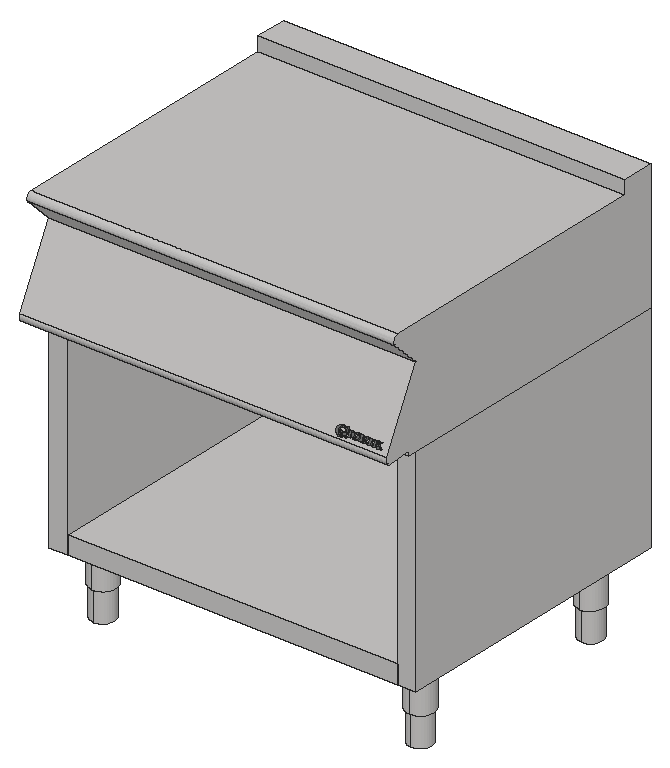
Revit family "QF_GIORIK_EN740G", category Specialty Equipment, Revit 2014
Parameters (values of type "EN740G")
  Weight in Pounds = 165.3465
  URL Cutsheet = "www.giorik.com"
  URL = "www.giorik.com"
  Status [instance] = ""
  Specification by User [instance] = ""
  Specification by Manufacturer = ""
  Show Logo [instance] = yes
  Show Clearance [instance] = yes
  Serial Number = ""
  Seismic Rating = ""
  SMACNA No = ""
  Revision Code [instance] = ""
  NAFEM Spec ID Number = ""
  Model = "EN740G"
  Masterspec = ""
  Manufacturer = "GIORIK"
  Item Number [instance] = ""
  Installed By [instance] = ""
  Identify Quantity as Lot [instance] = no
  Furnished By [instance] = ""
  Foodservice Equipment Identifier [instance] = yes
  Description = "NEUTRAL UNIT ON OPEN BASE UNIT"
  CSI MasterFormat = ""
  Assembly Code = "E1090320"
Reference planes
  plane 1 "Back": y = 0
  plane 2: z = 0
  plane 3 "Left": x = 0
  plane 4 "Right": x = 800
  plane 5 "Front": y = -720
  plane 6 "Top": z = 900
Forms (mm)
  Extrusion 1, solid, visible <- "Show Logo"
    sketch origin (591.604, -736.761, 609.486) x (-1, 0, 0) y (0, 0.452718, 0.891654)
      loop
        line (-118.824, 58.358) -> (-127.804, 58.358) -> (-125.523, 56.445) -> (-125.523, 48.027) -> (-127.804, 46.113) -> (-118.824, 46.113) -> (-121.105, 48.027) -> (-121.105, 56.445) -> (-118.824, 58.358)
      loop
        line (-163.721, 58.358) -> (-172.7, 58.358) -> (-170.42, 56.445) -> (-170.42, 48.027) -> (-172.7, 46.113) -> (-163.721, 46.113) -> (-166.001, 48.027) -> (-166.001, 56.445) -> (-163.721, 58.358)
      loop
        line (-174.332, 58.358) -> (-183.312, 58.358) -> (-181.031, 56.445) -> (-181.031, 52.435) -> (-186.419, 56.955) -> (-184.416, 58.358) -> (-191.268, 58.358) -> (-188.01, 56.839) -> (-185.455, 54.283) -> (-190.846, 47.858) -> (-193.396, 46.93) -> (-193.396, 46.113) -> (-184.416, 46.113) -> (-185.437, 47.571) -> (-182.443, 51.552) -> (-181.031, 50.894) -> (-181.031, 48.027) -> (-183.312, 46.113) -> (-174.332, 46.113) -> (-176.613, 48.027) -> (-176.613, 56.445) -> (-174.332, 58.358)
      loop
        line (-115.429, 62.063) -> (-115.429, 54.198)
        arc (-115.429, 54.198) -> (-111.618, 57.803) -> (-106.847, 59.986) r 16.039
        arc (-106.847, 59.986) -> (-103.314, 59.837) -> (-100.512, 57.68) r 5.851
        arc (-100.512, 57.68) -> (-98.815, 52.267) -> (-100.512, 46.853) r 9.479
        arc (-100.512, 46.853) -> (-102.406, 44.986) -> (-104.846, 43.93) r 7.236
        arc (-104.846, 43.93) -> (-107.728, 44.111) -> (-110.052, 45.825) r 5.11
        line (-110.052, 45.825) -> (-110.052, 52.001) -> (-116.141, 52.001) -> (-116.141, 45.503) -> (-117.893, 43.751) -> (-114.094, 44.769)
        arc (-114.094, 44.769) -> (-112.56, 44.947) -> (-111.129, 44.366) r 3.115
        arc (-111.129, 44.366) -> (-104.216, 42.091) -> (-97.303, 44.366) r 11.641
        arc (-97.303, 44.366) -> (-93.396, 52.107) -> (-97.303, 59.849) r 9.622
        arc (-97.303, 59.849) -> (-104.369, 62.174) -> (-111.435, 59.849) r 11.898
        line (-111.435, 59.849) -> (-115.429, 62.063)
      loop
        arc (-129.234, 56.068) -> (-135.893, 58.628) -> (-142.552, 56.068) r 9.941
        arc (-142.552, 56.068) -> (-144.234, 52.286) -> (-142.552, 48.505) r 5.093
        arc (-142.552, 48.505) -> (-135.893, 45.945) -> (-129.234, 48.505) r 9.941
        arc (-129.234, 48.505) -> (-127.552, 52.286) -> (-129.234, 56.068) r 5.093
      loop
        arc (-132.628, 54.403) -> (-135.893, 57.668) -> (-139.158, 54.403) r 3.265
        line (-139.158, 54.403) -> (-139.158, 50.169)
        arc (-139.158, 50.169) -> (-135.893, 46.904) -> (-132.628, 50.169) r 3.265
        line (-132.628, 50.169) -> (-132.628, 54.403)
      loop
        arc (-156.363, 58.365) -> (-159.647, 55.081) -> (-156.363, 51.796) r 3.285
        line (-156.363, 51.796) -> (-159.529, 47.306) -> (-162.087, 46.113) -> (-155.847, 46.113) -> (-153.529, 51.083) -> (-150.637, 51.083) -> (-150.637, 47.784) -> (-153.022, 46.113) -> (-144.011, 46.113) -> (-146.094, 47.68) -> (-146.094, 56.493) -> (-144.229, 58.365) -> (-156.363, 58.365)
      loop
        line (-150.637, 57.512) -> (-153.637, 57.512)
        arc (-153.637, 57.512) -> (-156.237, 54.912) -> (-153.637, 52.312) r 2.6
        line (-153.637, 52.312) -> (-150.637, 52.312) -> (-150.637, 57.512)
      loop
        line (-108.924, 52.001) -> (-104.936, 49.005) -> (-100.948, 52.001) -> (-108.924, 52.001)
    from 1.5 to -0.5
  Extrusion 2, solid
    sketch origin (-16, 1025.81, 0) x (1, 0, 0) y (0, 1, 0)
      loop
        line (25, -1086.81) -> (25, -1156.81) -> (115, -1156.81) -> (115, -1086.81) -> (25, -1086.81)
    from 148 to 150
  Extrusion 3, solid
    sketch origin (0, 0, 0) x (1, 0, 0) y (0, 1, 0)
      loop
        line (40, -40) -> (40, -640) -> (760, -640) -> (760, -40) -> (40, -40)
    from 150 to 190
  Extrusion 4, solid
    sketch origin (816, 1025.81, 0) x (-1, 0, 0) y (0, -1, 0)
      loop
        line (25, 1086.81) -> (115, 1086.81) -> (115, 1156.81) -> (25, 1156.81) -> (25, 1086.81)
    from 148 to 150
  Extrusion 5, solid
    sketch origin (0, 1000, -20) x (0, 1, 0) y (0, 0, 1)
      loop
        line (-1000, 919.988) -> (-1070, 919.988) -> (-1070, 889.988) -> (-1688.806, 889.988)
        arc (-1688.806, 889.988) -> (-1699.151, 883.075) -> (-1696.724, 870.873) r 11.197
        line (-1696.724, 870.873) -> (-1640.876, 815.025) -> (-1718.948, 661.258)
        arc (-1718.948, 661.258) -> (-1718.233, 650.105) -> (-1708.118, 645.354) r 10.981
        line (-1708.118, 645.354) -> (-1660, 649.925) -> (-1660, 640) -> (-1000, 640) -> (-1000, 919.988)
    from 0 to 800
  Extrusion 6, solid
    sketch origin (0, 0, 599.536) x (1, 0, 0) y (0, 1, 0)
      loop
        line (0, -640) -> (40, -640) -> (40, -40) -> (760, -40) -> (760, -640) -> (800, -640) -> (800, 0) -> (0, 0) -> (0, -640)
    from -449.536 to 20.464
  Extrusion 7, solid
    sketch origin (-16, 560.81, 0) x (1, 0, 0) y (0, 1, 0)
      loop
        line (25, -1086.81) -> (25, -1156.81) -> (115, -1156.81) -> (115, -1086.81) -> (25, -1086.81)
    from 148 to 150
  Revolve 8, solid
    sketch origin (54, 560.81, 0) x (0, 1, 0) y (0, 0, 1)
      loop
        line (-1092.56, 66) -> (-1092.56, 148) -> (-1121.81, 148) -> (-1121.81, 0) -> (-1096.81, 0) -> (-1096.81, 66) -> (-1092.56, 66)
      axis (-1121.81, 0) -> (-1121.81, 148)
    angle from 0 to 360
  Extrusion 9, solid
    sketch origin (816, 560.81, 0) x (-1, 0, 0) y (0, -1, 0)
      loop
        line (25, 1086.81) -> (115, 1086.81) -> (115, 1156.81) -> (25, 1156.81) -> (25, 1086.81)
    from 148 to 150
  Revolve 10, solid
    sketch origin (746, 560.81, 0) x (0, 1, 0) y (0, 0, 1)
      loop
        line (-1092.56, 66) -> (-1092.56, 148) -> (-1121.81, 148) -> (-1121.81, 0) -> (-1096.81, 0) -> (-1096.81, 66) -> (-1092.56, 66)
      axis (-1121.81, 0) -> (-1121.81, 148)
    angle from 0 to 360
  Revolve 11, solid
    sketch origin (746, 1025.81, 0) x (0, 1, 0) y (0, 0, 1)
      loop
        line (-1092.56, 66) -> (-1092.56, 148) -> (-1121.81, 148) -> (-1121.81, 0) -> (-1096.81, 0) -> (-1096.81, 66) -> (-1092.56, 66)
      axis (-1121.81, 0) -> (-1121.81, 148)
    angle from 0 to 360
  Revolve 12, solid
    sketch origin (54, 1025.81, 0) x (0, 1, 0) y (0, 0, 1)
      loop
        line (-1092.56, 66) -> (-1092.56, 148) -> (-1121.81, 148) -> (-1121.81, 0) -> (-1096.81, 0) -> (-1096.81, 66) -> (-1092.56, 66)
      axis (-1121.81, 0) -> (-1121.81, 148)
    angle from 0 to 360
Lines and regions (mm)
  symbolic lines, style "200-EquipBorder-2D"
    curve 1: line (0, -720, 0) -> (800, -720, 0)
    curve 2: line (800, -720, 0) -> (800, 0, 0)
    curve 3: line (800, 0, 0) -> (0, 0, 0)
    curve 4: line (0, 0, 0) -> (0, -720, 0)
  symbolic lines, style "200-EquipInternal-2D"
    curve 5: line (0, -70, 900) -> (800, -70, 900)
Dimensions and locks
  plane 3 "Left" to plane 4 "Right" = 800 mm
  plane 5 "Front" to plane 1 "Back" = 720 mm
  plane 4 "Right" to plane 3 "Left" = 800 mm
  plane 1 "Back" to plane 5 "Front" = 720 mm
  plane 6 "Top" to level = 900 mm  (x2)
  aligned and locked: level to plane 2
